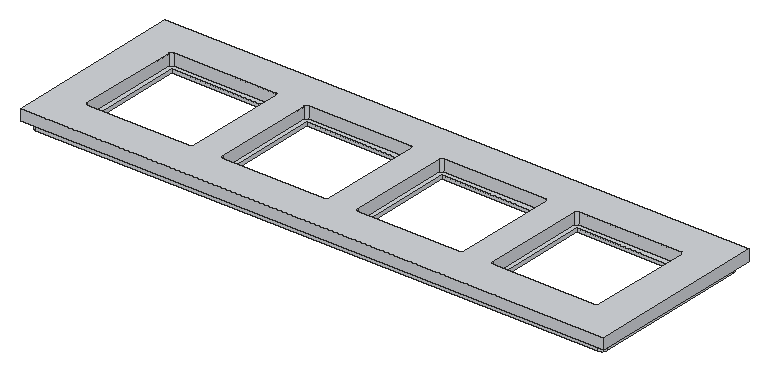
Revit family "Gira_021418", category Electrical Fixtures, host Face, Revit 2017
Family settings
  Host = Face
  Maintain Annotation Orientation = No
  Round Connector Dimension = Use Diameter
  Part Type = Normal
  Cut with Voids When Loaded = No
  Shared = No
  Room Calculation Point = No
Parameters (values of type "Cov.fr. 4-g Gira Esprit mint gl.")
  With mounting grid = "No"
  With hinged lid = "No"
  URL = "http://katalog.gira.de/en/datenblatt.html?artikelnr=021418"
  Type of fastening = "Clamp mounting"
  Transparent = "No"
  Surface protection = "Other"
  Suitable for wall duct = "No"
  Suitable for flush-mounted installation = "Yes"
  Suitable for floor box = "No"
  Suitable for built-in installation = "No"
  Number of units vertical = "4"
  Number of units horizontal = "4"
  Number of units = "4"
  Name = "Cov.fr. 4-g Gira Esprit mint gl."
  Mounting direction = "Horizontal and vertical"
  Material quality = "Real glass"
  Material = "Glass"
  Manufacturer URL = "https://www.gira.de/"
  Manufacturer = "Gira"
  Label space/information surface = "No"
  Keynote = ""
  HeinzeBIM = "https://bimportal.heinze.de/bim/cov-fr-4-g-gira-esprit-mint-gl-/b3cce43ad82574f995bc9ba96989e95d4bd546a2"
  Halogen free = "No"
  HAN = "021418"
  GTIN = "4010337214182"
  Description = "Cov.fr.4g Espr. GMi,Gira Esprit cover frame,mint glass,4-gang,"
  Degree of protection (IP) = "IP20"
  Default Elevation = 1219.2 mm
  Data sheet (1) = "https://katalog.gira.de/en/download.html?artikelnr=021418"
  Colour = "Green"
  Category = "Cover frame for domestic switching devices"
  BIM (1) = "https://media.stage.bim.site/public/gira/36a6b08/Espr._Rahmen_4fach.rfa"
  Available = "No"
Reference planes
  plane 1 "Center (Front/Back)": y = 0
  plane 2: z = 0
  plane 3 "Center (Left/Right)": x = 0
Forms (mm)
  Extrusion 1, solid, detail levels fine
    sketch origin (0, 0, 0) x (1, 0, 0) y (0, 1, 0)
      loop
        line (-154, 47.5) -> (-154, -47.5) -> (154, -47.5) -> (154, 47.5) -> (-154, 47.5)
      loop
        arc (-135.25, -26.8) -> (-134.811, -27.861) -> (-133.75, -28.3) r 1.5
        line (-133.75, -28.3) -> (-80.15, -28.3)
        arc (-80.15, -28.3) -> (-79.089, -27.861) -> (-78.65, -26.8) r 1.5
        line (-78.65, -26.8) -> (-78.65, 26.8)
        arc (-78.65, 26.8) -> (-79.089, 27.861) -> (-80.15, 28.3) r 1.5
        line (-80.15, 28.3) -> (-133.75, 28.3)
        arc (-133.75, 28.3) -> (-134.811, 27.861) -> (-135.25, 26.8) r 1.5
        line (-135.25, 26.8) -> (-135.25, -26.8)
      loop
        arc (-63.95, -26.8) -> (-63.511, -27.861) -> (-62.45, -28.3) r 1.5
        line (-62.45, -28.3) -> (-8.85, -28.3)
        arc (-8.85, -28.3) -> (-7.789, -27.861) -> (-7.35, -26.8) r 1.5
        line (-7.35, -26.8) -> (-7.35, 26.8)
        arc (-7.35, 26.8) -> (-7.789, 27.861) -> (-8.85, 28.3) r 1.5
        line (-8.85, 28.3) -> (-62.45, 28.3)
        arc (-62.45, 28.3) -> (-63.511, 27.861) -> (-63.95, 26.8) r 1.5
        line (-63.95, 26.8) -> (-63.95, -26.8)
      loop
        arc (7.35, -26.8) -> (7.789, -27.861) -> (8.85, -28.3) r 1.5
        line (8.85, -28.3) -> (62.45, -28.3)
        arc (62.45, -28.3) -> (63.511, -27.861) -> (63.95, -26.8) r 1.5
        line (63.95, -26.8) -> (63.95, 26.8)
        arc (63.95, 26.8) -> (63.511, 27.861) -> (62.45, 28.3) r 1.5
        line (62.45, 28.3) -> (8.85, 28.3)
        arc (8.85, 28.3) -> (7.789, 27.861) -> (7.35, 26.8) r 1.5
        line (7.35, 26.8) -> (7.35, -26.8)
      loop
        arc (78.65, -26.8) -> (79.089, -27.861) -> (80.15, -28.3) r 1.5
        line (80.15, -28.3) -> (133.75, -28.3)
        arc (133.75, -28.3) -> (134.811, -27.861) -> (135.25, -26.8) r 1.5
        line (135.25, -26.8) -> (135.25, 26.8)
        arc (135.25, 26.8) -> (134.811, 27.861) -> (133.75, 28.3) r 1.5
        line (133.75, 28.3) -> (80.15, 28.3)
        arc (80.15, 28.3) -> (79.089, 27.861) -> (78.65, 26.8) r 1.5
        line (78.65, 26.8) -> (78.65, -26.8)
    from 0 to 6
  Extrusion 2, solid, detail levels fine
    sketch origin (0, 0, 0) x (1, 0, 0) y (0, 1, 0)
      loop
        line (-132.85, -25.7) -> (-81.05, -25.7) -> (-81.05, 25.7) -> (-132.85, 25.7) -> (-132.85, -25.7)
      loop
        line (61.55, 25.7) -> (9.75, 25.7) -> (9.75, -25.7) -> (61.55, -25.7) -> (61.55, 25.7)
      loop
        arc (-149.85, -41.4) -> (-149.323, -42.673) -> (-148.05, -43.2) r 1.8
        line (-148.05, -43.2) -> (148.05, -43.2)
        arc (148.05, -43.2) -> (149.323, -42.673) -> (149.85, -41.4) r 1.8
        line (149.85, -41.4) -> (149.85, 41.4)
        arc (149.85, 41.4) -> (149.323, 42.673) -> (148.05, 43.2) r 1.8
        line (148.05, 43.2) -> (-148.05, 43.2)
        arc (-148.05, 43.2) -> (-149.323, 42.673) -> (-149.85, 41.4) r 1.8
        line (-149.85, 41.4) -> (-149.85, -41.4)
      loop
        line (-9.75, 25.7) -> (-61.55, 25.7) -> (-61.55, -25.7) -> (-9.75, -25.7) -> (-9.75, 25.7)
      loop
        line (132.85, 25.7) -> (81.05, 25.7) -> (81.05, -25.7) -> (132.85, -25.7) -> (132.85, 25.7)
    from -1.9 to 0
  Extrusion 3, solid, detail levels fine
    sketch origin (0, 0, 0) x (1, 0, 0) y (0, 1, 0)
      loop
        arc (-148.05, 44.4) -> (-150.171, 43.521) -> (-151.05, 41.4) r 3
        line (-151.05, 41.4) -> (-151.05, -41.4)
        arc (-151.05, -41.4) -> (-150.171, -43.521) -> (-148.05, -44.4) r 3
        line (-148.05, -44.4) -> (148.05, -44.4)
        arc (148.05, -44.4) -> (150.171, -43.521) -> (151.05, -41.4) r 3
        line (151.05, -41.4) -> (151.05, 41.4)
        arc (151.05, 41.4) -> (150.171, 43.521) -> (148.05, 44.4) r 3
        line (148.05, 44.4) -> (-148.05, 44.4)
      loop
        arc (-149.85, -41.4) -> (-149.323, -42.673) -> (-148.05, -43.2) r 1.8
        line (-148.05, -43.2) -> (148.05, -43.2)
        arc (148.05, -43.2) -> (149.323, -42.673) -> (149.85, -41.4) r 1.8
        line (149.85, -41.4) -> (149.85, 41.4)
        arc (149.85, 41.4) -> (149.323, 42.673) -> (148.05, 43.2) r 1.8
        line (148.05, 43.2) -> (-148.05, 43.2)
        arc (-148.05, 43.2) -> (-149.323, 42.673) -> (-149.85, 41.4) r 1.8
        line (-149.85, 41.4) -> (-149.85, -41.4)
    from -3.7 to 0
  Extrusion 4, solid, detail levels medium
    sketch origin (0, 0, 0) x (1, 0, 0) y (0, 1, 0)
      loop
        line (-154, 47.5) -> (-154, -47.5) -> (154, -47.5) -> (154, 47.5) -> (-154, 47.5)
    from 0 to 6
  Extrusion 5, solid, detail levels medium
    sketch origin (0, 0, 0) x (1, 0, 0) y (0, 1, 0)
      loop
        line (-154, 44.4) -> (-154, -44.4) -> (154, -44.4) -> (154, 44.4) -> (-154, 44.4)
    from -3.7 to 0
  Extrusion 6, solid, detail levels coarse
    sketch origin (0, 0, 0) x (1, 0, 0) y (0, 1, 0)
      loop
        line (-154, 47.5) -> (-154, -47.5) -> (154, -47.5) -> (154, 47.5) -> (-154, 47.5)
    from -3.7 to 6
Dimensions and locks
  aligned and locked: plane 2 to host face
  aligned and locked: level to host face
